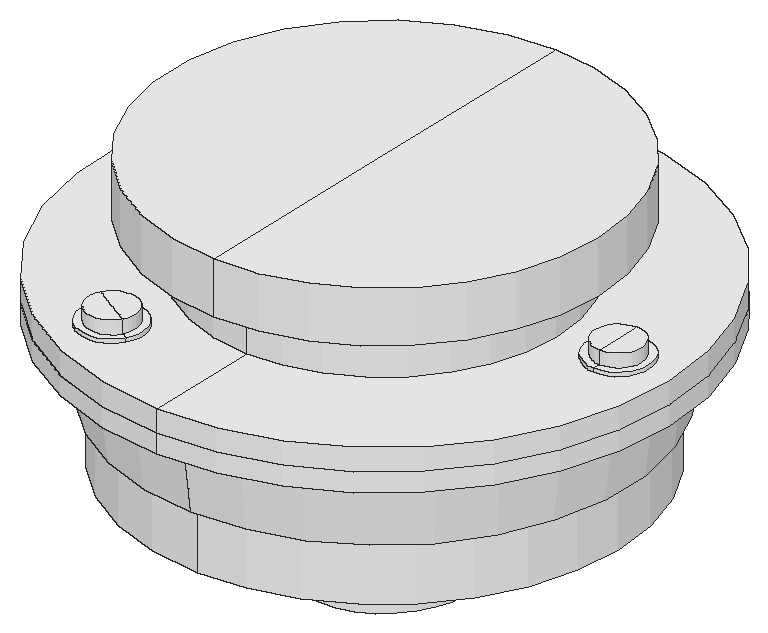
Revit family "F1100-C-T", category Plumbing Fixtures, host Face, Revit 2026
Family settings
  Host = Face
  Round Connector Dimension = Use Radius
  Part Type = Normal
  Enable Cutting in Views = No
  Cut with Voids When Loaded = No
  Maintain Annotation Orientation = No
  Shared = No
  Room Calculation Point = No
Parameters (values of type "6" Strainer - 2" Drain")
  WFU = 0
  URL = "WWW.MIFAB.COM"
  Strainer Radius = Strainer Diameter / 2  # 3.000"
  Strainer Diameter = 6.000"
  Strainer Adjustment [instance] = 1.750"
  Pipe Radius = Pipe Diameter / 2  # 1.000"
  Pipe Diameter = 2.000"
  Model = "F1100-C-T"
  Manufacturer = "MIFAB"
  Floor Drain Material = Paint - Sherwin Williams Paint - #952C2A - Bellwood Red
  Domestic Cold Water Radius = 0.250"
  Description = "FLOOR DRAIN WITH ROUND STRAINER AND SOLID SECURED COVER"
  Default Elevation = 0.000"
  CWFU = 0
  Body Height = 3.375"
  Assembly Code = ""
Types (11): name | Strainer Radius | Strainer Diameter | Pipe Radius | Pipe Diameter | Body Height
  (no name) | 3.000" | 6.000" | 1.000" | 2.000" | 3.375"
  7" Strainer - 2" Drain | 3.500" | 7.000" | 1.000" | 2.000" | 3.375"
  7" Strainer - 3" Drain | 3.500" | 7.000" | 1.500" | 3.000" | 3.375"
  7" Strainer - 4" Drain | 3.500" | 7.000" | 2.000" | 4.000" | 3.375"
  7" Strainer - 5" Drain | 3.500" | 7.000" | 2.500" | 5.000" | 3.375"
  7" Strainer - 6" Drain | 3.500" | 7.000" | 3.000" | 6.000" | 4.750"
  6" Strainer - 2" Drain | 3.000" | 6.000" | 1.000" | 2.000" | 3.375"
  6" Strainer - 3" Drain | 3.000" | 6.000" | 1.500" | 3.000" | 3.375"
  6" Strainer - 4" Drain | 3.000" | 6.000" | 2.000" | 4.000" | 3.375"
  6" Strainer - 5" Drain | 3.000" | 6.000" | 2.500" | 5.000" | 3.375"
  6" Strainer - 6" Drain | 3.000" | 6.000" | 3.000" | 6.000" | 4.750"
Reference planes (in)
  plane 1 "Center (Front/Back)": y = 0
  plane 2: z = 0
  plane 3 "Center (Left/Right)": x = 0
  plane 4: z = -5.125
  plane 5: z = -1.75
  plane 6: z = 0
  plane 7: y = -3
  plane 8: y = 3
  plane 9: y = 4
  plane 10: y = -4
  plane 11: y = -1
  plane 12: y = 1
  plane 13: y = -2.5
  plane 14: z = -1.125
  plane 15: y = 3.33292
  plane 16: y = -3.33292
Forms (in)
  Revolve 1, solid, material "Paint - Sherwin Williams Paint - #952C2A - Bellwood Red" <- "Floor Drain Material"
    sketch origin (0, 0.04396, 0) x (0, 1, 0) y (0, 0, 1)
      loop
        line (-3.13147, -1.75) -> (-4.04396, -1.75) -> (-4.04396, -2.01052) -> (-3.58446, -2.01052) -> (-3.44469, -3.00511) -> (-3.32874, -3.00511) -> (-3.32874, -3.81754) -> (-1.20021, -3.81754) -> (-1.20021, -5.125) -> (-1.04396, -5.125) -> (-1.04396, -3.66404) -> (-3.13147, -3.66404) -> (-3.13147, -1.75)
      axis (-0.04396, -1.75) -> (-0.04396, -5.125)
    angle from 0 to 360
  Revolve 2, solid, material "Paint - Sherwin Williams Paint - #952C2A - Bellwood Red" <- "Floor Drain Material"
    sketch origin (0, 0.15, 0) x (0, 1, 0) y (0, 0, 1)
      loop
        line (-2.45049, -1.75) -> (-2.275, -1.75) -> (-2.275, -0.53072) -> (-2.98292, -0.53072) -> (-2.98292, -0.35) -> (-0.15, -0.35) -> (-0.15, 0) -> (-3.15, 0) -> (-3.15, -0.72266) -> (-2.45049, -0.72266) -> (-2.45049, -1.75)
      axis (-0.15, 0) -> (-0.15, -1.75)
    angle from 0 to 360
  Revolve 3, solid, material "Paint - Sherwin Williams Paint - #952C2A - Bellwood Red" <- "Floor Drain Material"
    sketch origin (3.23224, 3.35604, 1.11719) x (0, 1, 0) y (0, 0, 1)
      loop
        line (-3.29765, -2.32681) -> (-3.62527, -2.32681) -> (-3.62527, -2.50802) -> (-3.72878, -2.50802) -> (-3.72878, -2.55859) -> (-3.46274, -2.55859) -> (-3.46274, -3.64951) -> (-3.29765, -3.64951) -> (-3.29765, -2.32681)
      axis (-3.29765, -2.32681) -> (-3.29765, -3.64951)
    angle from 0 to 360
  Revolve 4, solid, material "Paint - Sherwin Williams Paint - #952C2A - Bellwood Red" <- "Floor Drain Material"
    sketch origin (0, 0, 0) x (1, 0, 0) y (0, 0, 1)
      loop
        line (-4.4739, -2.50781) -> (-2.8927, -2.50781) -> (-2.8927, -2.16402) -> (-3.81457, -2.16402) -> (-3.90837, -2.25781) -> (-4.4739, -2.25781) -> (-4.4739, -2.50781)
      axis (-2.8927, -2.50781) -> (-4.4739, -2.50781)
    angle from 0 to 360
  Revolve 5, solid, material "Paint - Sherwin Williams Paint - #952C2A - Bellwood Red" <- "Floor Drain Material"
    sketch origin (1.2903, -4.47722, 1.11719) x (0.866025, -0.5, 0) y (0, 0, 1)
      loop
        line (-3.29765, -2.32681) -> (-3.62527, -2.32681) -> (-3.62527, -2.50802) -> (-3.72878, -2.50802) -> (-3.72878, -2.55859) -> (-3.46274, -2.55859) -> (-3.46274, -3.64951) -> (-3.29765, -3.64951) -> (-3.29765, -2.32681)
      axis (-3.29765, -2.32681) -> (-3.29765, -3.64951)
    angle from 0 to 360
  Revolve 6, solid, material "Paint - Sherwin Williams Paint - #952C2A - Bellwood Red" <- "Floor Drain Material"
    sketch origin (-4.52254, 1.12118, 1.11719) x (-0.866025, -0.5, 0) y (0, 0, 1)
      loop
        line (-3.29765, -2.32681) -> (-3.62527, -2.32681) -> (-3.62527, -2.50802) -> (-3.72878, -2.50802) -> (-3.72878, -2.55859) -> (-3.46274, -2.55859) -> (-3.46274, -3.64951) -> (-3.29765, -3.64951) -> (-3.29765, -2.32681)
      axis (-3.29765, -2.32681) -> (-3.29765, -3.64951)
    angle from 0 to 360
  Revolve 7, solid, material "Paint - Sherwin Williams Paint - #952C2A - Bellwood Red" <- "Floor Drain Material"
    sketch origin (0, 0, 0) x (0, 1, 0) y (0, 0, 1)
      loop
        line (-4, -1.75) -> (-2.30049, -1.75) -> (-2.30049, -0.7509) -> (-2.42163, -0.7509) -> (-2.42163, -1.44141) -> (-4, -1.44141) -> (-4, -1.75)
      axis (0, -0.7509) -> (0, -1.75)
    angle from 0 to 360
Cuts and joins
  joined: Revolve 1, Revolve 4
Lines and regions (in)
  symbolic lines
    curve 1: circle (0, 0, 0) r 4 normal (0, 0, 1)
    curve 2: line (-4.4739, 0.25, 0) -> (-3.99218, 0.25, 0)
    curve 3: line (-4.4739, 0.25, 0) -> (-4.4739, -0.25, 0)
    curve 4: line (-4.4739, -0.25, 0) -> (-3.99218, -0.25, 0)
Dimensions and locks (in)
  "Body Height": plane 5 to plane 4
  "Strainer Adjustment": plane 6 to plane 5
  equal spacing: plane 8, plane 1 "Center (Front/Back)", plane 7
  equal spacing: plane 9, plane 1 "Center (Front/Back)", plane 10
  plane 9 to plane 10 = 8.000"
  equal spacing: Revolve 1, Revolve 4 sketch curve, Revolve 1
  equal spacing: plane 12, plane 1 "Center (Front/Back)", plane 11
  "Pipe Diameter": plane 12 to plane 11
  "Pipe Radius": plane 1 "Center (Front/Back)" to plane 11
  "Strainer Radius": plane 1 "Center (Front/Back)" to plane 7
  plane 8 to plane 7 = 6.000"
  Revolve 2 sketch curve to Revolve 2 sketch curve to Revolve 2 sketch curve to plane 7 = 0.17549" locked, 0.53243" locked, 0.16708" locked
  locked: plane 11 to Revolve 1 sketch curve at 0.15625
  plane 1 "Center (Front/Back)" to Revolve 1 sketch curve to Revolve 1 sketch curve to Revolve 1 sketch curve to Revolve 1 sketch curve = 3.08751" locked, 0.19727" locked, 0.11595" locked, 0.13977" locked
  host face to Revolve 2 sketch curve to Revolve 2 sketch curve to Revolve 2 sketch curve = 0.350", 0.18072", 0.19193"
  aligned and locked: plane 2 to host face
  aligned and locked: level to host face
  aligned and locked: plane 5 to Revolve 1 sketch curve
  aligned and locked: Revolve 2 sketch curve to plane 1 "Center (Front/Back)"
  aligned and locked: plane 10 to Revolve 1 sketch curve
  aligned and locked: host face to plane 6
  aligned and locked: Revolve 1 to Revolve 2
  aligned and locked: plane 10 to Revolve 7 sketch curve  (x2)
  aligned and locked: Revolve 2 to Revolve 7 sketch curve
  aligned and locked: Revolve 7 to Revolve 1
  aligned and locked: Revolve 7 to Revolve 6
  aligned and locked: Revolve 7 to Revolve 5
  aligned and locked: Revolve 7 to Revolve 3
  aligned and locked: plane 7 to Revolve 2 sketch curve
  aligned and locked: Revolve 1 sketch curve to plane 11
  aligned and locked: plane 1 "Center (Front/Back)" to Revolve 2 sketch curve
Automatic sketch dimensions
  host sketch curve to host sketch curve = 96.000"  (x2)
  Revolve 3 sketch curve to Revolve 3 sketch curve = 0.26604"
  Revolve 3 sketch curve to Revolve 3 sketch curve = 0.16253"
  Revolve 3 sketch curve to Revolve 3 sketch curve = 0.32762"
  Revolve 3 sketch curve to Revolve 3 sketch curve = 0.000"  (x3)
  Revolve 3 sketch curve to Revolve 3 sketch curve = 1.09092"
  Revolve 3 sketch curve to Revolve 3 sketch curve = 0.05057"
  Revolve 3 sketch curve to Revolve 3 sketch curve = 0.18121"
  Revolve 4 sketch curve to plane 3 "Center (Left/Right)" = 4.4739"
  Revolve 4 sketch curve to Revolve 4 sketch curve = 0.56553"
  Revolve 4 sketch curve to Revolve 4 sketch curve = 0.09379"
  Revolve 4 sketch curve to Revolve 4 sketch curve = 0.22507"
  Revolve 4 sketch curve to Revolve 4 sketch curve = 0.7906"
  Revolve 4 sketch curve to Revolve 4 sketch curve = 0.000"  (x2)
  Revolve 4 sketch curve to Revolve 4 sketch curve = 0.250"
  Revolve 4 sketch curve to Revolve 4 sketch curve = 0.34379"
  Revolve 5 sketch curve to Revolve 5 sketch curve = 0.26604"
  Revolve 5 sketch curve to Revolve 5 sketch curve = 0.16253"
  Revolve 5 sketch curve to Revolve 5 sketch curve = 0.32762"
  Revolve 5 sketch curve to Revolve 5 sketch curve = 0.000"  (x3)
  Revolve 5 sketch curve to Revolve 5 sketch curve = 1.09092"
  Revolve 5 sketch curve to Revolve 5 sketch curve = 0.05057"
  Revolve 5 sketch curve to Revolve 5 sketch curve = 0.18121"
  Revolve 6 sketch curve to Revolve 6 sketch curve = 0.26604"
  Revolve 6 sketch curve to Revolve 6 sketch curve = 0.16253"
  Revolve 6 sketch curve to Revolve 6 sketch curve = 0.32762"
  Revolve 6 sketch curve to Revolve 6 sketch curve = 0.000"  (x3)
  Revolve 6 sketch curve to Revolve 6 sketch curve = 1.09092"
  Revolve 6 sketch curve to Revolve 6 sketch curve = 0.05057"
  Revolve 6 sketch curve to Revolve 6 sketch curve = 0.18121"
  Revolve 7 sketch curve to plane 1 "Center (Front/Back)" = 0.000"
  Revolve 7 sketch curve to Revolve 7 sketch curve = 0.12113"
  Revolve 7 sketch curve to level = 1.750"
  Revolve 7 sketch curve to Revolve 7 sketch curve = 0.30859"
  Revolve 7 sketch curve to level = 1.83769"
  Revolve 7 sketch curve to Revolve 7 sketch curve = 0.69051"
  level to Revolve 7 sketch curve = 0.91231"
  Revolve 1 sketch curve to plane 4 = 0.000"  (x2)
  Revolve 1 sketch curve to plane 1 "Center (Front/Back)" = 0.000"
  Revolve 1 sketch curve to Revolve 1 sketch curve = 1.30746"
  Revolve 1 sketch curve to Revolve 1 sketch curve = 0.1535"
  Revolve 1 sketch curve to Revolve 1 sketch curve = 0.65892"
  Revolve 1 sketch curve to plane 5 = 0.26052"
  Revolve 1 sketch curve to plane 5 = 0.250"
  Revolve 2 sketch curve to level = 0.000"
  plane 14 to Revolve 2 sketch curve = 0.625"
  Revolve 2 sketch curve to Revolve 2 sketch curve = 1.19115"
  Revolve 2 sketch curve to plane 14 = 0.3696"
  plane 1 "Center (Front/Back)" to Revolve 3 sketch curve = 0.37274"
  Revolve 3 sketch curve to level = 2.53233"
  Revolve 5 sketch curve to level = 1.39084"
  Revolve 6 sketch curve to level = 1.39084"
  plane 1 "Center (Front/Back)" to curve 1 = 0.000"
  curve 1 to plane 3 "Center (Left/Right)" = 0.000"
  plane 1 "Center (Front/Back)" to curve 4 = 0.250"
  curve 4 to plane 3 "Center (Left/Right)" = 3.99218"
  curve 2 to curve 4 = 0.000"
  curve 3 to curve 4 = 0.48172"
Connectors (in)
  piping at (0, 0, -5.125), diameter 2, driven by "Pipe Radius", driven by "WFU"
    settings: on Revolve 1, index 2, connector inside diameter 2", connector length 0.000", flow factor 0, pipe flow 0 GPM, pressure drop 0.00 psi, fitting loss kfactor 0, connector angle 0.00°, fixture units 0, engagement length 0.000", angle of deflection 0.00°, flow configuration 3, flow direction 2, fitting loss method 0, system type 16, joint type 0, gender type 0, connector reference index -1, connector utility 0, adjustable connector no, is connector primary yes, connector description "Sanitary Out"
  piping at (-4.4739, 0, -2.50781), diameter 0.5, driven by "Domestic Cold Water Radius", driven by "CWFU"
    settings: on Revolve 4, index 3, connector inside diameter 1/2", connector length 0.000", flow factor 0, pipe flow 0 GPM, pressure drop 0.00 psi, fitting loss kfactor 0, connector angle 0.00°, fixture units 0, engagement length 0.000", angle of deflection 0.00°, flow configuration 3, flow direction 1, fitting loss method 0, system type 20, joint type 0, gender type 0, connector reference index -1, connector utility 0, adjustable connector no, is connector primary no, connector description "Domestic Cold Water In"
